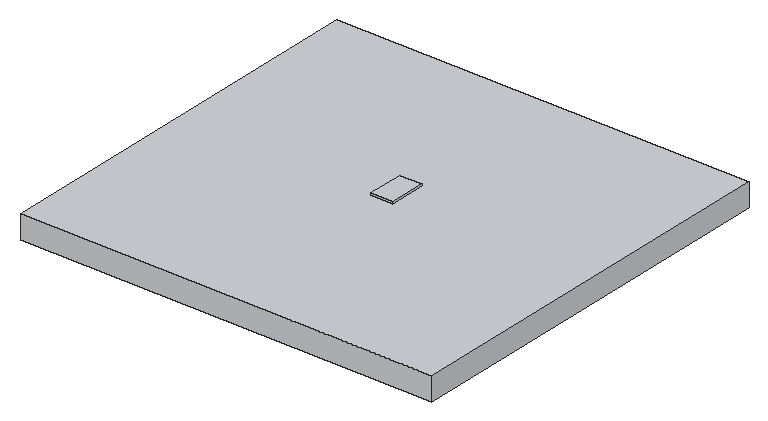
Revit family "b31dc9660b85411fbf7a51903123e803", category Lighting Devices, host Face, Revit 2021
Family settings
  Host = Face
  Maintain Annotation Orientation = Yes
  Round Connector Dimension = Use Diameter
  Part Type = Switch
  OmniClass Number = 23.80.50.11.14
  OmniClass Title = Switches
  Seek Item ID = Spring Wound Timer Switch-0000-USA-ENU
  Cut with Voids When Loaded = No
  Shared = No
  Room Calculation Point = No
Parameters (values of type "Standard")
  Switch Voltage = 120 V
  Switch Number of Poles = 1
  Load Classification = Other
  Label = "W"
  Default Elevation = 4' - 0"
  Assembly Code = ""
  Apparent Load = 0 VA
Reference planes (in)
  plane 1 "Center (Front/Back)": y = 0
  plane 2: z = 0
  plane 3 "Center (Left/Right)": x = 0
  plane 4: x = -1.375
  plane 5: x = 1.375
  plane 6: x = -0.75
  plane 7: x = 0.75
  plane 8: y = 2.25
  plane 9: y = -2.25
  plane 10: y = 1.5
  plane 11: y = -1.5
  plane 12 "level above": z = 0.1875
  plane 13 "level below": z = -2.125
Forms (in)
  Extrusion 1, solid
    sketch origin (0, 0, 0) x (1, 0, 0) y (0, 1, 0)
      loop
        line (-25.375, 22.5) -> (-25.375, -26.25) -> (25.375, -26.25) -> (25.375, 22.5) -> (-25.375, 22.5)
    from 0 to -2.86111
  Extrusion 2, solid
    sketch origin (0, 0, 0) x (1, 0, 0) y (0, 1, 0)
      loop
        line (-1.375, 2.25) -> (-1.375, -2.25) -> (1.375, -2.25) -> (1.375, 2.25) -> (-1.375, 2.25)
    from 0 to 0.1875
  Extrusion 3, solid
    sketch origin (0, 0, 0) x (1, 0, 0) y (0, 1, 0)
      loop
        line (-0.75, 1.5) -> (-0.75, -1.5) -> (0.75, -1.5) -> (0.75, 1.5) -> (-0.75, 1.5)
    from 0 to -2.125
Lines and regions (in)
  symbolic lines, detail levels fine
    curve 1: line (-1.375, 0, 0.1875) -> (1.375, 0, 0.1875)
    curve 2: line (-1.375, 0, 0) -> (-1.375, 0, 0.1875)
    curve 3: line (1.375, 0, 0) -> (-1.375, 0, 0)
    curve 4: line (1.375, 0, 0.1875) -> (1.375, 0, 0)
    curve 5: line (-0.75, 0, -2.125) -> (0.75, 0, -2.125)
    curve 6: line (-0.75, 0, 0) -> (-0.75, 0, -2.125)
    curve 7: line (0.75, 0, -2.125) -> (0.75, 0, 0)
Dimensions and locks (in)
  equal spacing: plane 6, plane 3 "Center (Left/Right)", plane 7, locked at 0.75 each
  locked: plane 6 to plane 7 at 1.5
  equal spacing: plane 4, plane 3 "Center (Left/Right)", plane 5, locked at 1.375 each
  locked: plane 4 to plane 5 at 2.75
  locked: plane 8 to plane 9 at 4.5
  locked: plane 12 "level above" to level at 0.1875
  locked: level to plane 13 "level below" at 2.125
  locked: plane 10 to plane 11 at 3
  equal spacing: plane 10, plane 1 "Center (Front/Back)", plane 11, locked at 1.5 each
  equal spacing: plane 8, plane 1 "Center (Front/Back)", plane 9, locked at 2.25 each
  aligned and locked: plane 2 to Extrusion 1
  aligned and locked: level to Extrusion 1
  aligned and locked: plane 8 to Extrusion 2
  aligned and locked: Extrusion 2 to plane 9
  aligned and locked: plane 5 to Extrusion 2
  aligned and locked: Extrusion 2 to plane 4
  aligned and locked: Extrusion 2 to level
  aligned and locked: plane 12 "level above" to Extrusion 2
  aligned and locked: plane 10 to Extrusion 3
  aligned and locked: Extrusion 3 to plane 6
  aligned and locked: plane 7 to Extrusion 3
  aligned and locked: Extrusion 3 to plane 11
  aligned and locked: Extrusion 3 to level
  aligned and locked: Extrusion 3 to plane 13 "level below"
  aligned and locked: plane 3 "Center (Left/Right)" to nested 1
  aligned and locked: plane 1 "Center (Front/Back)" to nested 1
  aligned and locked: curve 1 to plane 12 "level above"
  aligned and locked: plane 2 to curve 3
  aligned and locked: curve 5 to plane 13 "level below"
Automatic sketch dimensions
  Extrusion 2 sketch curve to plane 4 = 0' - 0"
  Extrusion 2 sketch curve to plane 5 = 0' - 0"
  Extrusion 2 sketch curve to plane 9 = 0' - 0"
  Extrusion 2 sketch curve to plane 8 = 0' - 0"
  Extrusion 3 sketch curve to plane 6 = 0' - 0"
  Extrusion 3 sketch curve to plane 7 = 0' - 0"
  Extrusion 3 sketch curve to plane 11 = 0' - 0"
  Extrusion 3 sketch curve to plane 10 = 0' - 0"
  Extrusion 1 sketch curve to Extrusion 1 sketch curve = 4' - 2 3/4"
  Extrusion 1 sketch curve to Extrusion 1 sketch curve = 4' - 0 3/4"
  curve 2 to plane 4 = 0' - 0"
  curve 3 to plane 5 = 0' - 0"
  plane 4 to curve 7 = 0' - 2 1/8"
  curve 5 to curve 5 = 0' - 1 1/2"
Nested families (in)
  nested 1: "Switch Annotation" at (0, 0, 0), type "Switch Annotation", detail levels coarse+medium
Connectors (in)
  electrical at (0, 1.5, -1.0625), driven by "Switch Voltage", driven by "Apparent Load", driven by "Switch Number of Poles", driven by "Load Classification"
    settings: on Extrusion 3, index 1, voltage 120 V, apparent load 0 VA, apparent load phase1 0 VA, apparent load phase2 0 VA, apparent load phase3 0 VA, power factor 1, load classification "Other", number of poles 1, system type 31, power factor state 1, is connector primary yes, connector utility no, sub classification motor no, connector description ""
Definition of nested family "Switch Annotation"
  Parameters
    Label = "WP"
  Reference planes (in)
    plane 1: y = 0
    plane 2: x = 0
  Lines and regions (in)
    detail lines
      curve 1: line (0, 0.125, 0) -> (0, 0, 0)
      curve 3: arc (0.01506, 0.11153, 0) -> (-0.02442, 0.09683, 0) -> (0, 0.0625, 0) r 0.02655
      curve 4: arc (0, 0.0625, 0) -> (0.01543, 0.02147, 0) -> (-0.02827, 0.02483, 0) r 0.02599
    reference lines
      curve 2: line (0, 0.0625, 0) -> (-0.11983, 0.0625, 0)
      curve 5: line (0.10095, -0.04722, 0) -> (0.10095, 0.09386, 0)
      curve 6: line (0.10095, -0.04722, 0) -> (0.28349, -0.04722, 0)
      curve 7: line (0.10095, 0.04579, 0) -> (0.31014, 0.04579, 0)
  Text (in)
    label "2" at (0.02544, -0.00499, 0), shows "Label"
  Dimensions and locks (in)
    locked: curve 6 to curve 7 at 0.09301
    locked: curve 1 to curve 5 at 0.10095
    locked: curve 1 to curve 1 at 0.125
    locked: plane 1 to curve 2 at 0.0625
    aligned and locked: curve 1 to curve 2
    aligned and locked: curve 3 to curve 2
    aligned and locked: curve 4 to curve 2
    aligned and locked: plane 1 to curve 1
    aligned and locked: curve 1 to plane 2
    aligned and locked: plane 2 to curve 1
